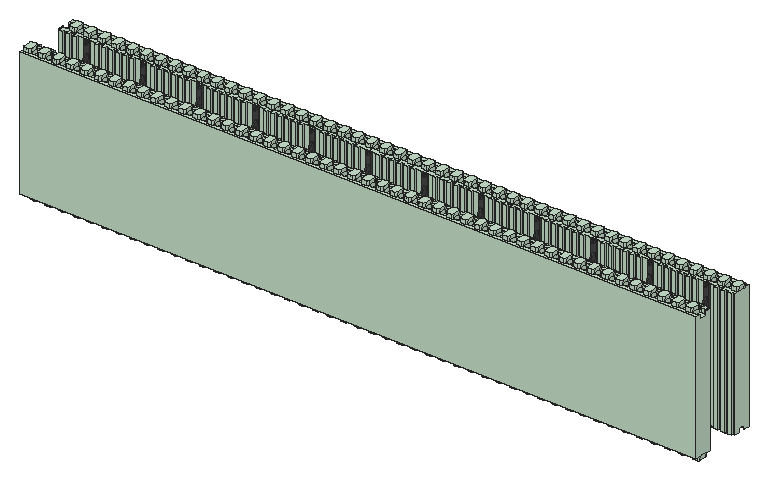
Revit family
Parameters (values of type "Standard 6" Form Unit")
  Core Thickness = 0' - 6"
Reference planes (in)
  plane 1 "Center (Front/Back)": y = 0
  plane 2: z = 0
  plane 3 "Center (Left/Right)": x = 0
  plane 4: x = 96
  plane 5: y = 2
  plane 6: y = -2
  plane 7: y = 4.625
  plane 8: y = -4.625
  plane 9: z = 18
  plane 10: z = 18.5
  plane 11: z = -0.5
Forms (in)
  Extrusion 1, solid, material "NUDURA Expanded Polystyrene Foam Insulation"
    sketch origin (0, 0, 0) x (1, 0, 0) y (0, 1, 0)
      loop
        line (0.28117, 2.25) -> (0.21883, 2) -> (0.78117, 2) -> (0.71883, 2.25) -> (1.28117, 2.25) -> (1.21883, 2) -> (1.78117, 2) -> (1.71883, 2.25) -> (2.28117, 2.25) -> (2.21883, 2) -> (2.78117, 2) -> (2.71883, 2.25) -> (5.28117, 2.25) -> (5.21883, 2) -> (5.78117, 2) -> (5.71883, 2.25) -> (6.28117, 2.25) -> (6.21883, 2) -> (6.78117, 2) -> (6.71883, 2.25) -> (7.28117, 2.25) -> (7.21883, 2) -> (7.78117, 2) -> (7.71883, 2.25) -> (8.28117, 2.25) -> (8.21883, 2) -> (8.78117, 2) -> (8.71883, 2.25) -> (9.28117, 2.25) -> (9.21883, 2) -> (9.78117, 2) -> (9.71883, 2.25) -> (10.28117, 2.25) -> (10.21883, 2) -> (10.78117, 2) -> (10.71883, 2.25) -> (13.28117, 2.25) -> (13.21883, 2) -> (13.78117, 2) -> (13.71883, 2.25) -> (14.28117, 2.25) -> (14.21883, 2) -> (14.78117, 2) -> (14.71883, 2.25) -> (15.28117, 2.25) -> (15.21883, 2) -> (15.78117, 2) -> (15.71883, 2.25) -> (16.28117, 2.25) -> (16.21883, 2) -> (16.78117, 2) -> (16.71883, 2.25) -> (17.28117, 2.25) -> (17.21883, 2) -> (17.78117, 2) -> (17.71883, 2.25) -> (18.28117, 2.25) -> (18.21883, 2) -> (18.78117, 2) -> (18.71883, 2.25) -> (21.28117, 2.25) -> (21.21883, 2) -> (21.78117, 2) -> (21.71883, 2.25) -> (22.28117, 2.25) -> (22.21883, 2) -> (22.78117, 2) -> (22.71883, 2.25) -> (23.28117, 2.25) -> (23.21883, 2) -> (23.78117, 2) -> (23.71883, 2.25) -> (24.28117, 2.25) -> (24.21883, 2) -> (24.78117, 2) -> (24.71883, 2.25) -> (25.28117, 2.25) -> (25.21883, 2) -> (25.78117, 2) -> (25.71883, 2.25) -> (26.28117, 2.25) -> (26.21883, 2) -> (26.78117, 2) -> (26.71883, 2.25) -> (29.28117, 2.25) -> (29.21883, 2) -> (29.78117, 2) -> (29.71883, 2.25) -> (30.28117, 2.25) -> (30.21883, 2) -> (30.78117, 2) -> (30.71883, 2.25) -> (31.28117, 2.25) -> (31.21883, 2) -> (31.78117, 2) -> (31.71883, 2.25) -> (32.28117, 2.25) -> (32.21883, 2) -> (32.78117, 2) -> (32.71883, 2.25) -> (33.28117, 2.25) -> (33.21883, 2) -> (33.78117, 2) -> (33.71883, 2.25) -> (34.28117, 2.25) -> (34.21883, 2) -> (34.78117, 2) -> (34.71883, 2.25) -> (37.28117, 2.25) -> (37.21883, 2) -> (37.78117, 2) -> (37.71883, 2.25) -> (38.28117, 2.25) -> (38.21883, 2) -> (38.78117, 2) -> (38.71883, 2.25) -> (39.28117, 2.25) -> (39.21883, 2) -> (39.78117, 2) -> (39.71883, 2.25) -> (40.28117, 2.25) -> (40.21883, 2) -> (40.78117, 2) -> (40.71883, 2.25) -> (41.28117, 2.25) -> (41.21883, 2) -> (41.78117, 2) -> (41.71883, 2.25) -> (42.28117, 2.25) -> (42.21883, 2) -> (42.78117, 2) -> (42.71883, 2.25) -> (45.28117, 2.25) -> (45.21883, 2) -> (45.78117, 2) -> (45.71883, 2.25) -> (46.28117, 2.25) -> (46.21883, 2) -> (46.78117, 2) -> (46.71883, 2.25) -> (47.28117, 2.25) -> (47.21883, 2) -> (47.78117, 2) -> (47.71883, 2.25) -> (48.28117, 2.25) -> (48.21883, 2) -> (48.78117, 2) -> (48.71883, 2.25) -> (49.28117, 2.25) -> (49.21883, 2) -> (49.78117, 2) -> (49.71883, 2.25) -> (50.28117, 2.25) -> (50.21883, 2) -> (50.78117, 2) -> (50.71883, 2.25) -> (53.28117, 2.25) -> (53.21883, 2) -> (53.78117, 2) -> (53.71883, 2.25) -> (54.28117, 2.25) -> (54.21883, 2) -> (54.78117, 2) -> (54.71883, 2.25) -> (55.28117, 2.25) -> (55.21883, 2) -> (55.78117, 2) -> (55.71883, 2.25) -> (56.28117, 2.25) -> (56.21883, 2) -> (56.78117, 2) -> (56.71883, 2.25) -> (57.28117, 2.25) -> (57.21883, 2) -> (57.78117, 2) -> (57.71883, 2.25) -> (58.28117, 2.25) -> (58.21883, 2) -> (58.78117, 2) -> (58.71883, 2.25) -> (61.28117, 2.25) -> (61.21883, 2) -> (61.78117, 2) -> (61.71883, 2.25) -> (62.28117, 2.25) -> (62.21883, 2) -> (62.78117, 2) -> (62.71883, 2.25) -> (63.28117, 2.25) -> (63.21883, 2) -> (63.78117, 2) -> (63.71883, 2.25) -> (64.28117, 2.25) -> (64.21883, 2) -> (64.78117, 2) -> (64.71883, 2.25) -> (65.28117, 2.25) -> (65.21883, 2) -> (65.78117, 2) -> (65.71883, 2.25) -> (66.28117, 2.25) -> (66.21883, 2) -> (66.78117, 2) -> (66.71883, 2.25) -> (69.28117, 2.25) -> (69.21883, 2) -> (69.78117, 2) -> (69.71883, 2.25) -> (70.28117, 2.25) -> (70.21883, 2) -> (70.78117, 2) -> (70.71883, 2.25) -> (71.28117, 2.25) -> (71.21883, 2) -> (71.78117, 2) -> (71.71883, 2.25) -> (72.28117, 2.25) -> (72.21883, 2) -> (72.78117, 2) -> (72.71883, 2.25) -> (73.28117, 2.25) -> (73.21883, 2) -> (73.78117, 2) -> (73.71883, 2.25) -> (74.28117, 2.25) -> (74.21883, 2) -> (74.78117, 2) -> (74.71883, 2.25) -> (77.28117, 2.25) -> (77.21883, 2) -> (77.78117, 2) -> (77.71883, 2.25) -> (78.28117, 2.25) -> (78.21883, 2) -> (78.78117, 2) -> (78.71883, 2.25) -> (79.28117, 2.25) -> (79.21883, 2) -> (79.78117, 2) -> (79.71883, 2.25) -> (80.28117, 2.25) -> (80.21883, 2) -> (80.78117, 2) -> (80.71883, 2.25) -> (81.28117, 2.25) -> (81.21883, 2) -> (81.78117, 2) -> (81.71883, 2.25) -> (82.28117, 2.25) -> (82.21883, 2) -> (82.78117, 2) -> (82.71883, 2.25) -> (85.28117, 2.25) -> (85.21883, 2) -> (85.78117, 2) -> (85.71883, 2.25) -> (86.28117, 2.25) -> (86.21883, 2) -> (86.78117, 2) -> (86.71883, 2.25) -> (87.28117, 2.25) -> (87.21883, 2) -> (87.78117, 2) -> (87.71883, 2.25) -> (88.28117, 2.25) -> (88.21883, 2) -> (88.78117, 2) -> (88.71883, 2.25) -> (89.28117, 2.25) -> (89.21883, 2) -> (89.78117, 2) -> (89.71883, 2.25) -> (90.28117, 2.25) -> (90.21883, 2) -> (90.78117, 2) -> (90.71883, 2.25) -> (93.28117, 2.25) -> (93.21883, 2) -> (93.78117, 2) -> (93.71883, 2.25) -> (94.28117, 2.25) -> (94.21883, 2) -> (94.78117, 2) -> (94.71883, 2.25) -> (95.28117, 2.25) -> (95.21883, 2) -> (95.78117, 2) -> (95.71883, 2.25) -> (96, 2.25) -> (96, 4.625) -> (0, 4.625) -> (0, 2.25) -> (0.28117, 2.25)
      loop
        line (0.28117, -2.25) -> (0, -2.25) -> (0, -4.625) -> (96, -4.625) -> (96, -2.25) -> (95.71883, -2.25) -> (95.78117, -2) -> (95.21883, -2) -> (95.28117, -2.25) -> (94.71883, -2.25) -> (94.78117, -2) -> (94.21883, -2) -> (94.28117, -2.25) -> (93.71883, -2.25) -> (93.78117, -2) -> (93.21883, -2) -> (93.28117, -2.25) -> (90.71883, -2.25) -> (90.78117, -2) -> (90.21883, -2) -> (90.28117, -2.25) -> (89.71883, -2.25) -> (89.78117, -2) -> (89.21883, -2) -> (89.28117, -2.25) -> (88.71883, -2.25) -> (88.78117, -2) -> (88.21883, -2) -> (88.28117, -2.25) -> (87.71883, -2.25) -> (87.78117, -2) -> (87.21883, -2) -> (87.28117, -2.25) -> (86.71883, -2.25) -> (86.78117, -2) -> (86.21883, -2) -> (86.28117, -2.25) -> (85.71883, -2.25) -> (85.78117, -2) -> (85.21883, -2) -> (85.28117, -2.25) -> (82.71883, -2.25) -> (82.78117, -2) -> (82.21883, -2) -> (82.28117, -2.25) -> (81.71883, -2.25) -> (81.78117, -2) -> (81.21883, -2) -> (81.28117, -2.25) -> (80.71883, -2.25) -> (80.78117, -2) -> (80.21883, -2) -> (80.28117, -2.25) -> (79.71883, -2.25) -> (79.78117, -2) -> (79.21883, -2) -> (79.28117, -2.25) -> (78.71883, -2.25) -> (78.78117, -2) -> (78.21883, -2) -> (78.28117, -2.25) -> (77.71883, -2.25) -> (77.78117, -2) -> (77.21883, -2) -> (77.28117, -2.25) -> (74.71883, -2.25) -> (74.78117, -2) -> (74.21883, -2) -> (74.28117, -2.25) -> (73.71883, -2.25) -> (73.78117, -2) -> (73.21883, -2) -> (73.28117, -2.25) -> (72.71883, -2.25) -> (72.78117, -2) -> (72.21883, -2) -> (72.28117, -2.25) -> (71.71883, -2.25) -> (71.78117, -2) -> (71.21883, -2) -> (71.28117, -2.25) -> (70.71883, -2.25) -> (70.78117, -2) -> (70.21883, -2) -> (70.28117, -2.25) -> (69.71883, -2.25) -> (69.78117, -2) -> (69.21883, -2) -> (69.28117, -2.25) -> (66.71883, -2.25) -> (66.78117, -2) -> (66.21883, -2) -> (66.28117, -2.25) -> (65.71883, -2.25) -> (65.78117, -2) -> (65.21883, -2) -> (65.28117, -2.25) -> (64.71883, -2.25) -> (64.78117, -2) -> (64.21883, -2) -> (64.28117, -2.25) -> (63.71883, -2.25) -> (63.78117, -2) -> (63.21883, -2) -> (63.28117, -2.25) -> (62.71883, -2.25) -> (62.78117, -2) -> (62.21883, -2) -> (62.28117, -2.25) -> (61.71883, -2.25) -> (61.78117, -2) -> (61.21883, -2) -> (61.28117, -2.25) -> (58.71883, -2.25) -> (58.78117, -2) -> (58.21883, -2) -> (58.28117, -2.25) -> (57.71883, -2.25) -> (57.78117, -2) -> (57.21883, -2) -> (57.28117, -2.25) -> (56.71883, -2.25) -> (56.78117, -2) -> (56.21883, -2) -> (56.28117, -2.25) -> (55.71883, -2.25) -> (55.78117, -2) -> (55.21883, -2) -> (55.28117, -2.25) -> (54.71883, -2.25) -> (54.78117, -2) -> (54.21883, -2) -> (54.28117, -2.25) -> (53.71883, -2.25) -> (53.78117, -2) -> (53.21883, -2) -> (53.28117, -2.25) -> (50.71883, -2.25) -> (50.78117, -2) -> (50.21883, -2) -> (50.28117, -2.25) -> (49.71883, -2.25) -> (49.78117, -2) -> (49.21883, -2) -> (49.28117, -2.25) -> (48.71883, -2.25) -> (48.78117, -2) -> (48.21883, -2) -> (48.28117, -2.25) -> (47.71883, -2.25) -> (47.78117, -2) -> (47.21883, -2) -> (47.28117, -2.25) -> (46.71883, -2.25) -> (46.78117, -2) -> (46.21883, -2) -> (46.28117, -2.25) -> (45.71883, -2.25) -> (45.78117, -2) -> (45.21883, -2) -> (45.28117, -2.25) -> (42.71883, -2.25) -> (42.78117, -2) -> (42.21883, -2) -> (42.28117, -2.25) -> (41.71883, -2.25) -> (41.78117, -2) -> (41.21883, -2) -> (41.28117, -2.25) -> (40.71883, -2.25) -> (40.78117, -2) -> (40.21883, -2) -> (40.28117, -2.25) -> (39.71883, -2.25) -> (39.78117, -2) -> (39.21883, -2) -> (39.28117, -2.25) -> (38.71883, -2.25) -> (38.78117, -2) -> (38.21883, -2) -> (38.28117, -2.25) -> (37.71883, -2.25) -> (37.78117, -2) -> (37.21883, -2) -> (37.28117, -2.25) -> (34.71883, -2.25) -> (34.78117, -2) -> (34.21883, -2) -> (34.28117, -2.25) -> (33.71883, -2.25) -> (33.78117, -2) -> (33.21883, -2) -> (33.28117, -2.25) -> (32.71883, -2.25) -> (32.78117, -2) -> (32.21883, -2) -> (32.28117, -2.25) -> (31.71883, -2.25) -> (31.78117, -2) -> (31.21883, -2) -> (31.28117, -2.25) -> (30.71883, -2.25) -> (30.78117, -2) -> (30.21883, -2) -> (30.28117, -2.25) -> (29.71883, -2.25) -> (29.78117, -2) -> (29.21883, -2) -> (29.28117, -2.25) -> (26.71883, -2.25) -> (26.78117, -2) -> (26.21883, -2) -> (26.28117, -2.25) -> (25.71883, -2.25) -> (25.78117, -2) -> (25.21883, -2) -> (25.28117, -2.25) -> (24.71883, -2.25) -> (24.78117, -2) -> (24.21883, -2) -> (24.28117, -2.25) -> (23.71883, -2.25) -> (23.78117, -2) -> (23.21883, -2) -> (23.28117, -2.25) -> (22.71883, -2.25) -> (22.78117, -2) -> (22.21883, -2) -> (22.28117, -2.25) -> (21.71883, -2.25) -> (21.78117, -2) -> (21.21883, -2) -> (21.28117, -2.25) -> (18.71883, -2.25) -> (18.78117, -2) -> (18.21883, -2) -> (18.28117, -2.25) -> (17.71883, -2.25) -> (17.78117, -2) -> (17.21883, -2) -> (17.28117, -2.25) -> (16.71883, -2.25) -> (16.78117, -2) -> (16.21883, -2) -> (16.28117, -2.25) -> (15.71883, -2.25) -> (15.78117, -2) -> (15.21883, -2) -> (15.28117, -2.25) -> (14.71883, -2.25) -> (14.78117, -2) -> (14.21883, -2) -> (14.28117, -2.25) -> (13.71883, -2.25) -> (13.78117, -2) -> (13.21883, -2) -> (13.28117, -2.25) -> (10.71883, -2.25) -> (10.78117, -2) -> (10.21883, -2) -> (10.28117, -2.25) -> (9.71883, -2.25) -> (9.78117, -2) -> (9.21883, -2) -> (9.28117, -2.25) -> (8.71883, -2.25) -> (8.78117, -2) -> (8.21883, -2) -> (8.28117, -2.25) -> (7.71883, -2.25) -> (7.78117, -2) -> (7.21883, -2) -> (7.28117, -2.25) -> (6.71883, -2.25) -> (6.78117, -2) -> (6.21883, -2) -> (6.28117, -2.25) -> (5.71883, -2.25) -> (5.78117, -2) -> (5.21883, -2) -> (5.28117, -2.25) -> (2.71883, -2.25) -> (2.78117, -2) -> (2.21883, -2) -> (2.28117, -2.25) -> (1.71883, -2.25) -> (1.78117, -2) -> (1.21883, -2) -> (1.28117, -2.25) -> (0.71883, -2.25) -> (0.78117, -2) -> (0.21883, -2) -> (0.28117, -2.25)
    from 0 to 18
  Extrusion 2, void
    sketch origin (0, 1, 0) x (1, 0, 0) y (0, 1, 0)
      loop
        arc (1, -4.89808) -> (1.04785, -5.04517) -> (1.17308, -5.13595) r 0.25
        arc (1.17308, -5.13595) -> (1.5, -5.1875) -> (1.82692, -5.13595) r 1.0625
        arc (1.82692, -5.13595) -> (1.95215, -5.04517) -> (2, -4.89808) r 0.25
        line (2, -4.89808) -> (2, -3.97692)
        arc (2, -3.97692) -> (1.98276, -3.88568) -> (1.9334, -3.80702) r 0.25
        arc (1.9334, -3.80702) -> (1.92106, -3.78736) -> (1.91675, -3.76455) r 0.0625
        line (1.91675, -3.76455) -> (1.91675, -3.41845) -> (1.74592, -3.41845) -> (1.74592, -3.64005)
        arc (1.74592, -3.64005) -> (1.72385, -3.68771) -> (1.67323, -3.70172) r 0.0625
        arc (1.67323, -3.70172) -> (1.42092, -3.69045) -> (1.17308, -3.73905) r 1.0625
        arc (1.17308, -3.73905) -> (1.04785, -3.82983) -> (1, -3.97692) r 0.25
        line (1, -3.97692) -> (1, -4.89808)
    from 18 to 17.5
  Extrusion 3, void
    sketch origin (2, 1, 0) x (1, 0, 0) y (0, 1, 0)
      loop
        arc (1, -4.89808) -> (1.04785, -5.04517) -> (1.17308, -5.13595) r 0.25
        arc (1.17308, -5.13595) -> (1.5, -5.1875) -> (1.82692, -5.13595) r 1.0625
        arc (1.82692, -5.13595) -> (1.95215, -5.04517) -> (2, -4.89808) r 0.25
        line (2, -4.89808) -> (2, -3.97692)
        arc (2, -3.97692) -> (1.98276, -3.88568) -> (1.9334, -3.80702) r 0.25
        arc (1.9334, -3.80702) -> (1.92106, -3.78736) -> (1.91675, -3.76455) r 0.0625
        line (1.91675, -3.76455) -> (1.91675, -3.41845) -> (1.74592, -3.41845) -> (1.74592, -3.64005)
        arc (1.74592, -3.64005) -> (1.72385, -3.68771) -> (1.67323, -3.70172) r 0.0625
        arc (1.67323, -3.70172) -> (1.42092, -3.69045) -> (1.17308, -3.73905) r 1.0625
        arc (1.17308, -3.73905) -> (1.04785, -3.82983) -> (1, -3.97692) r 0.25
        line (1, -3.97692) -> (1, -4.89808)
    from 18 to 17.5
  Extrusion 4, void
    sketch origin (4, 1, 0) x (1, 0, 0) y (0, 1, 0)
      loop
        arc (1, -4.89808) -> (1.04785, -5.04517) -> (1.17308, -5.13595) r 0.25
        arc (1.17308, -5.13595) -> (1.5, -5.1875) -> (1.82692, -5.13595) r 1.0625
        arc (1.82692, -5.13595) -> (1.95215, -5.04517) -> (2, -4.89808) r 0.25
        line (2, -4.89808) -> (2, -3.97692)
        arc (2, -3.97692) -> (1.98276, -3.88568) -> (1.9334, -3.80702) r 0.25
        arc (1.9334, -3.80702) -> (1.92106, -3.78736) -> (1.91675, -3.76455) r 0.0625
        line (1.91675, -3.76455) -> (1.91675, -3.41845) -> (1.74592, -3.41845) -> (1.74592, -3.64005)
        arc (1.74592, -3.64005) -> (1.72385, -3.68771) -> (1.67323, -3.70172) r 0.0625
        arc (1.67323, -3.70172) -> (1.42092, -3.69045) -> (1.17308, -3.73905) r 1.0625
        arc (1.17308, -3.73905) -> (1.04785, -3.82983) -> (1, -3.97692) r 0.25
        line (1, -3.97692) -> (1, -4.89808)
    from 18 to 17.5
  Extrusion 5, void
    sketch origin (6, 1, 0) x (1, 0, 0) y (0, 1, 0)
      loop
        arc (1, -4.89808) -> (1.04785, -5.04517) -> (1.17308, -5.13595) r 0.25
        arc (1.17308, -5.13595) -> (1.5, -5.1875) -> (1.82692, -5.13595) r 1.0625
        arc (1.82692, -5.13595) -> (1.95215, -5.04517) -> (2, -4.89808) r 0.25
        line (2, -4.89808) -> (2, -3.97692)
        arc (2, -3.97692) -> (1.98276, -3.88568) -> (1.9334, -3.80702) r 0.25
        arc (1.9334, -3.80702) -> (1.92106, -3.78736) -> (1.91675, -3.76455) r 0.0625
        line (1.91675, -3.76455) -> (1.91675, -3.41845) -> (1.74592, -3.41845) -> (1.74592, -3.64005)
        arc (1.74592, -3.64005) -> (1.72385, -3.68771) -> (1.67323, -3.70172) r 0.0625
        arc (1.67323, -3.70172) -> (1.42092, -3.69045) -> (1.17308, -3.73905) r 1.0625
        arc (1.17308, -3.73905) -> (1.04785, -3.82983) -> (1, -3.97692) r 0.25
        line (1, -3.97692) -> (1, -4.89808)
    from 18 to 17.5
  Extrusion 6, void
    sketch origin (8, 1, 0) x (1, 0, 0) y (0, 1, 0)
      loop
        arc (1, -4.89808) -> (1.04785, -5.04517) -> (1.17308, -5.13595) r 0.25
        arc (1.17308, -5.13595) -> (1.5, -5.1875) -> (1.82692, -5.13595) r 1.0625
        arc (1.82692, -5.13595) -> (1.95215, -5.04517) -> (2, -4.89808) r 0.25
        line (2, -4.89808) -> (2, -3.97692)
        arc (2, -3.97692) -> (1.98276, -3.88568) -> (1.9334, -3.80702) r 0.25
        arc (1.9334, -3.80702) -> (1.92106, -3.78736) -> (1.91675, -3.76455) r 0.0625
        line (1.91675, -3.76455) -> (1.91675, -3.41845) -> (1.74592, -3.41845) -> (1.74592, -3.64005)
        arc (1.74592, -3.64005) -> (1.72385, -3.68771) -> (1.67323, -3.70172) r 0.0625
        arc (1.67323, -3.70172) -> (1.42092, -3.69045) -> (1.17308, -3.73905) r 1.0625
        arc (1.17308, -3.73905) -> (1.04785, -3.82983) -> (1, -3.97692) r 0.25
        line (1, -3.97692) -> (1, -4.89808)
    from 18 to 17.5
  Extrusion 7, void
    sketch origin (10, 1, 0) x (1, 0, 0) y (0, 1, 0)
      loop
        arc (1, -4.89808) -> (1.04785, -5.04517) -> (1.17308, -5.13595) r 0.25
        arc (1.17308, -5.13595) -> (1.5, -5.1875) -> (1.82692, -5.13595) r 1.0625
        arc (1.82692, -5.13595) -> (1.95215, -5.04517) -> (2, -4.89808) r 0.25
        line (2, -4.89808) -> (2, -3.97692)
        arc (2, -3.97692) -> (1.98276, -3.88568) -> (1.9334, -3.80702) r 0.25
        arc (1.9334, -3.80702) -> (1.92106, -3.78736) -> (1.91675, -3.76455) r 0.0625
        line (1.91675, -3.76455) -> (1.91675, -3.41845) -> (1.74592, -3.41845) -> (1.74592, -3.64005)
        arc (1.74592, -3.64005) -> (1.72385, -3.68771) -> (1.67323, -3.70172) r 0.0625
        arc (1.67323, -3.70172) -> (1.42092, -3.69045) -> (1.17308, -3.73905) r 1.0625
        arc (1.17308, -3.73905) -> (1.04785, -3.82983) -> (1, -3.97692) r 0.25
        line (1, -3.97692) -> (1, -4.89808)
    from 18 to 17.5
  Extrusion 8, void
    sketch origin (12, 1, 0) x (1, 0, 0) y (0, 1, 0)
      loop
        arc (1, -4.89808) -> (1.04785, -5.04517) -> (1.17308, -5.13595) r 0.25
        arc (1.17308, -5.13595) -> (1.5, -5.1875) -> (1.82692, -5.13595) r 1.0625
        arc (1.82692, -5.13595) -> (1.95215, -5.04517) -> (2, -4.89808) r 0.25
        line (2, -4.89808) -> (2, -3.97692)
        arc (2, -3.97692) -> (1.98276, -3.88568) -> (1.9334, -3.80702) r 0.25
        arc (1.9334, -3.80702) -> (1.92106, -3.78736) -> (1.91675, -3.76455) r 0.0625
        line (1.91675, -3.76455) -> (1.91675, -3.41845) -> (1.74592, -3.41845) -> (1.74592, -3.64005)
        arc (1.74592, -3.64005) -> (1.72385, -3.68771) -> (1.67323, -3.70172) r 0.0625
        arc (1.67323, -3.70172) -> (1.42092, -3.69045) -> (1.17308, -3.73905) r 1.0625
        arc (1.17308, -3.73905) -> (1.04785, -3.82983) -> (1, -3.97692) r 0.25
        line (1, -3.97692) -> (1, -4.89808)
    from 18 to 17.5
  Extrusion 9, void
    sketch origin (14, 1, 0) x (1, 0, 0) y (0, 1, 0)
      loop
        arc (1, -4.89808) -> (1.04785, -5.04517) -> (1.17308, -5.13595) r 0.25
        arc (1.17308, -5.13595) -> (1.5, -5.1875) -> (1.82692, -5.13595) r 1.0625
        arc (1.82692, -5.13595) -> (1.95215, -5.04517) -> (2, -4.89808) r 0.25
        line (2, -4.89808) -> (2, -3.97692)
        arc (2, -3.97692) -> (1.98276, -3.88568) -> (1.9334, -3.80702) r 0.25
        arc (1.9334, -3.80702) -> (1.92106, -3.78736) -> (1.91675, -3.76455) r 0.0625
        line (1.91675, -3.76455) -> (1.91675, -3.41845) -> (1.74592, -3.41845) -> (1.74592, -3.64005)
        arc (1.74592, -3.64005) -> (1.72385, -3.68771) -> (1.67323, -3.70172) r 0.0625
        arc (1.67323, -3.70172) -> (1.42092, -3.69045) -> (1.17308, -3.73905) r 1.0625
        arc (1.17308, -3.73905) -> (1.04785, -3.82983) -> (1, -3.97692) r 0.25
        line (1, -3.97692) -> (1, -4.89808)
    from 18 to 17.5
  Extrusion 10, void
    sketch origin (16, 1, 0) x (1, 0, 0) y (0, 1, 0)
      loop
        arc (1, -4.89808) -> (1.04785, -5.04517) -> (1.17308, -5.13595) r 0.25
        arc (1.17308, -5.13595) -> (1.5, -5.1875) -> (1.82692, -5.13595) r 1.0625
        arc (1.82692, -5.13595) -> (1.95215, -5.04517) -> (2, -4.89808) r 0.25
        line (2, -4.89808) -> (2, -3.97692)
        arc (2, -3.97692) -> (1.98276, -3.88568) -> (1.9334, -3.80702) r 0.25
        arc (1.9334, -3.80702) -> (1.92106, -3.78736) -> (1.91675, -3.76455) r 0.0625
        line (1.91675, -3.76455) -> (1.91675, -3.41845) -> (1.74592, -3.41845) -> (1.74592, -3.64005)
        arc (1.74592, -3.64005) -> (1.72385, -3.68771) -> (1.67323, -3.70172) r 0.0625
        arc (1.67323, -3.70172) -> (1.42092, -3.69045) -> (1.17308, -3.73905) r 1.0625
        arc (1.17308, -3.73905) -> (1.04785, -3.82983) -> (1, -3.97692) r 0.25
        line (1, -3.97692) -> (1, -4.89808)
    from 18 to 17.5
  Extrusion 11, void
    sketch origin (18, 1, 0) x (1, 0, 0) y (0, 1, 0)
      loop
        arc (1, -4.89808) -> (1.04785, -5.04517) -> (1.17308, -5.13595) r 0.25
        arc (1.17308, -5.13595) -> (1.5, -5.1875) -> (1.82692, -5.13595) r 1.0625
        arc (1.82692, -5.13595) -> (1.95215, -5.04517) -> (2, -4.89808) r 0.25
        line (2, -4.89808) -> (2, -3.97692)
        arc (2, -3.97692) -> (1.98276, -3.88568) -> (1.9334, -3.80702) r 0.25
        arc (1.9334, -3.80702) -> (1.92106, -3.78736) -> (1.91675, -3.76455) r 0.0625
        line (1.91675, -3.76455) -> (1.91675, -3.41845) -> (1.74592, -3.41845) -> (1.74592, -3.64005)
        arc (1.74592, -3.64005) -> (1.72385, -3.68771) -> (1.67323, -3.70172) r 0.0625
        arc (1.67323, -3.70172) -> (1.42092, -3.69045) -> (1.17308, -3.73905) r 1.0625
        arc (1.17308, -3.73905) -> (1.04785, -3.82983) -> (1, -3.97692) r 0.25
        line (1, -3.97692) -> (1, -4.89808)
    from 18 to 17.5
  Extrusion 12, void
    sketch origin (20, 1, 0) x (1, 0, 0) y (0, 1, 0)
      loop
        arc (1, -4.89808) -> (1.04785, -5.04517) -> (1.17308, -5.13595) r 0.25
        arc (1.17308, -5.13595) -> (1.5, -5.1875) -> (1.82692, -5.13595) r 1.0625
        arc (1.82692, -5.13595) -> (1.95215, -5.04517) -> (2, -4.89808) r 0.25
        line (2, -4.89808) -> (2, -3.97692)
        arc (2, -3.97692) -> (1.98276, -3.88568) -> (1.9334, -3.80702) r 0.25
        arc (1.9334, -3.80702) -> (1.92106, -3.78736) -> (1.91675, -3.76455) r 0.0625
        line (1.91675, -3.76455) -> (1.91675, -3.41845) -> (1.74592, -3.41845) -> (1.74592, -3.64005)
        arc (1.74592, -3.64005) -> (1.72385, -3.68771) -> (1.67323, -3.70172) r 0.0625
        arc (1.67323, -3.70172) -> (1.42092, -3.69045) -> (1.17308, -3.73905) r 1.0625
        arc (1.17308, -3.73905) -> (1.04785, -3.82983) -> (1, -3.97692) r 0.25
        line (1, -3.97692) -> (1, -4.89808)
    from 18 to 17.5
  Extrusion 13, void
    sketch origin (22, 1, 0) x (1, 0, 0) y (0, 1, 0)
      loop
        arc (1, -4.89808) -> (1.04785, -5.04517) -> (1.17308, -5.13595) r 0.25
        arc (1.17308, -5.13595) -> (1.5, -5.1875) -> (1.82692, -5.13595) r 1.0625
        arc (1.82692, -5.13595) -> (1.95215, -5.04517) -> (2, -4.89808) r 0.25
        line (2, -4.89808) -> (2, -3.97692)
        arc (2, -3.97692) -> (1.98276, -3.88568) -> (1.9334, -3.80702) r 0.25
        arc (1.9334, -3.80702) -> (1.92106, -3.78736) -> (1.91675, -3.76455) r 0.0625
        line (1.91675, -3.76455) -> (1.91675, -3.41845) -> (1.74592, -3.41845) -> (1.74592, -3.64005)
        arc (1.74592, -3.64005) -> (1.72385, -3.68771) -> (1.67323, -3.70172) r 0.0625
        arc (1.67323, -3.70172) -> (1.42092, -3.69045) -> (1.17308, -3.73905) r 1.0625
        arc (1.17308, -3.73905) -> (1.04785, -3.82983) -> (1, -3.97692) r 0.25
        line (1, -3.97692) -> (1, -4.89808)
    from 18 to 17.5
  Extrusion 14, void
    sketch origin (24, 1, 0) x (1, 0, 0) y (0, 1, 0)
      loop
        arc (1, -4.89808) -> (1.04785, -5.04517) -> (1.17308, -5.13595) r 0.25
        arc (1.17308, -5.13595) -> (1.5, -5.1875) -> (1.82692, -5.13595) r 1.0625
        arc (1.82692, -5.13595) -> (1.95215, -5.04517) -> (2, -4.89808) r 0.25
        line (2, -4.89808) -> (2, -3.97692)
        arc (2, -3.97692) -> (1.98276, -3.88568) -> (1.9334, -3.80702) r 0.25
        arc (1.9334, -3.80702) -> (1.92106, -3.78736) -> (1.91675, -3.76455) r 0.0625
        line (1.91675, -3.76455) -> (1.91675, -3.41845) -> (1.74592, -3.41845) -> (1.74592, -3.64005)
        arc (1.74592, -3.64005) -> (1.72385, -3.68771) -> (1.67323, -3.70172) r 0.0625
        arc (1.67323, -3.70172) -> (1.42092, -3.69045) -> (1.17308, -3.73905) r 1.0625
        arc (1.17308, -3.73905) -> (1.04785, -3.82983) -> (1, -3.97692) r 0.25
        line (1, -3.97692) -> (1, -4.89808)
    from 18 to 17.5
  Extrusion 15, void
    sketch origin (26, 1, 0) x (1, 0, 0) y (0, 1, 0)
      loop
        arc (1, -4.89808) -> (1.04785, -5.04517) -> (1.17308, -5.13595) r 0.25
        arc (1.17308, -5.13595) -> (1.5, -5.1875) -> (1.82692, -5.13595) r 1.0625
        arc (1.82692, -5.13595) -> (1.95215, -5.04517) -> (2, -4.89808) r 0.25
        line (2, -4.89808) -> (2, -3.97692)
        arc (2, -3.97692) -> (1.98276, -3.88568) -> (1.9334, -3.80702) r 0.25
        arc (1.9334, -3.80702) -> (1.92106, -3.78736) -> (1.91675, -3.76455) r 0.0625
        line (1.91675, -3.76455) -> (1.91675, -3.41845) -> (1.74592, -3.41845) -> (1.74592, -3.64005)
        arc (1.74592, -3.64005) -> (1.72385, -3.68771) -> (1.67323, -3.70172) r 0.0625
        arc (1.67323, -3.70172) -> (1.42092, -3.69045) -> (1.17308, -3.73905) r 1.0625
        arc (1.17308, -3.73905) -> (1.04785, -3.82983) -> (1, -3.97692) r 0.25
        line (1, -3.97692) -> (1, -4.89808)
    from 18 to 17.5
  Extrusion 16, void
    sketch origin (28, 1, 0) x (1, 0, 0) y (0, 1, 0)
      loop
        arc (1, -4.89808) -> (1.04785, -5.04517) -> (1.17308, -5.13595) r 0.25
        arc (1.17308, -5.13595) -> (1.5, -5.1875) -> (1.82692, -5.13595) r 1.0625
        arc (1.82692, -5.13595) -> (1.95215, -5.04517) -> (2, -4.89808) r 0.25
        line (2, -4.89808) -> (2, -3.97692)
        arc (2, -3.97692) -> (1.98276, -3.88568) -> (1.9334, -3.80702) r 0.25
        arc (1.9334, -3.80702) -> (1.92106, -3.78736) -> (1.91675, -3.76455) r 0.0625
        line (1.91675, -3.76455) -> (1.91675, -3.41845) -> (1.74592, -3.41845) -> (1.74592, -3.64005)
        arc (1.74592, -3.64005) -> (1.72385, -3.68771) -> (1.67323, -3.70172) r 0.0625
        arc (1.67323, -3.70172) -> (1.42092, -3.69045) -> (1.17308, -3.73905) r 1.0625
        arc (1.17308, -3.73905) -> (1.04785, -3.82983) -> (1, -3.97692) r 0.25
        line (1, -3.97692) -> (1, -4.89808)
    from 18 to 17.5
  Extrusion 17, void
    sketch origin (30, 1, 0) x (1, 0, 0) y (0, 1, 0)
      loop
        arc (1, -4.89808) -> (1.04785, -5.04517) -> (1.17308, -5.13595) r 0.25
        arc (1.17308, -5.13595) -> (1.5, -5.1875) -> (1.82692, -5.13595) r 1.0625
        arc (1.82692, -5.13595) -> (1.95215, -5.04517) -> (2, -4.89808) r 0.25
        line (2, -4.89808) -> (2, -3.97692)
        arc (2, -3.97692) -> (1.98276, -3.88568) -> (1.9334, -3.80702) r 0.25
        arc (1.9334, -3.80702) -> (1.92106, -3.78736) -> (1.91675, -3.76455) r 0.0625
        line (1.91675, -3.76455) -> (1.91675, -3.41845) -> (1.74592, -3.41845) -> (1.74592, -3.64005)
        arc (1.74592, -3.64005) -> (1.72385, -3.68771) -> (1.67323, -3.70172) r 0.0625
        arc (1.67323, -3.70172) -> (1.42092, -3.69045) -> (1.17308, -3.73905) r 1.0625
        arc (1.17308, -3.73905) -> (1.04785, -3.82983) -> (1, -3.97692) r 0.25
        line (1, -3.97692) -> (1, -4.89808)
    from 18 to 17.5
  Extrusion 18, void
    sketch origin (32, 1, 0) x (1, 0, 0) y (0, 1, 0)
      loop
        arc (1, -4.89808) -> (1.04785, -5.04517) -> (1.17308, -5.13595) r 0.25
        arc (1.17308, -5.13595) -> (1.5, -5.1875) -> (1.82692, -5.13595) r 1.0625
        arc (1.82692, -5.13595) -> (1.95215, -5.04517) -> (2, -4.89808) r 0.25
        line (2, -4.89808) -> (2, -3.97692)
        arc (2, -3.97692) -> (1.98276, -3.88568) -> (1.9334, -3.80702) r 0.25
        arc (1.9334, -3.80702) -> (1.92106, -3.78736) -> (1.91675, -3.76455) r 0.0625
        line (1.91675, -3.76455) -> (1.91675, -3.41845) -> (1.74592, -3.41845) -> (1.74592, -3.64005)
        arc (1.74592, -3.64005) -> (1.72385, -3.68771) -> (1.67323, -3.70172) r 0.0625
        arc (1.67323, -3.70172) -> (1.42092, -3.69045) -> (1.17308, -3.73905) r 1.0625
        arc (1.17308, -3.73905) -> (1.04785, -3.82983) -> (1, -3.97692) r 0.25
        line (1, -3.97692) -> (1, -4.89808)
    from 18 to 17.5
  Extrusion 19, void
    sketch origin (34, 1, 0) x (1, 0, 0) y (0, 1, 0)
      loop
        arc (1, -4.89808) -> (1.04785, -5.04517) -> (1.17308, -5.13595) r 0.25
        arc (1.17308, -5.13595) -> (1.5, -5.1875) -> (1.82692, -5.13595) r 1.0625
        arc (1.82692, -5.13595) -> (1.95215, -5.04517) -> (2, -4.89808) r 0.25
        line (2, -4.89808) -> (2, -3.97692)
        arc (2, -3.97692) -> (1.98276, -3.88568) -> (1.9334, -3.80702) r 0.25
        arc (1.9334, -3.80702) -> (1.92106, -3.78736) -> (1.91675, -3.76455) r 0.0625
        line (1.91675, -3.76455) -> (1.91675, -3.41845) -> (1.74592, -3.41845) -> (1.74592, -3.64005)
        arc (1.74592, -3.64005) -> (1.72385, -3.68771) -> (1.67323, -3.70172) r 0.0625
        arc (1.67323, -3.70172) -> (1.42092, -3.69045) -> (1.17308, -3.73905) r 1.0625
        arc (1.17308, -3.73905) -> (1.04785, -3.82983) -> (1, -3.97692) r 0.25
        line (1, -3.97692) -> (1, -4.89808)
    from 18 to 17.5
  Extrusion 20, void
    sketch origin (36, 1, 0) x (1, 0, 0) y (0, 1, 0)
      loop
        arc (1, -4.89808) -> (1.04785, -5.04517) -> (1.17308, -5.13595) r 0.25
        arc (1.17308, -5.13595) -> (1.5, -5.1875) -> (1.82692, -5.13595) r 1.0625
        arc (1.82692, -5.13595) -> (1.95215, -5.04517) -> (2, -4.89808) r 0.25
        line (2, -4.89808) -> (2, -3.97692)
        arc (2, -3.97692) -> (1.98276, -3.88568) -> (1.9334, -3.80702) r 0.25
        arc (1.9334, -3.80702) -> (1.92106, -3.78736) -> (1.91675, -3.76455) r 0.0625
        line (1.91675, -3.76455) -> (1.91675, -3.41845) -> (1.74592, -3.41845) -> (1.74592, -3.64005)
        arc (1.74592, -3.64005) -> (1.72385, -3.68771) -> (1.67323, -3.70172) r 0.0625
        arc (1.67323, -3.70172) -> (1.42092, -3.69045) -> (1.17308, -3.73905) r 1.0625
        arc (1.17308, -3.73905) -> (1.04785, -3.82983) -> (1, -3.97692) r 0.25
        line (1, -3.97692) -> (1, -4.89808)
    from 18 to 17.5
  Extrusion 21, void
    sketch origin (38, 1, 0) x (1, 0, 0) y (0, 1, 0)
      loop
        arc (1, -4.89808) -> (1.04785, -5.04517) -> (1.17308, -5.13595) r 0.25
        arc (1.17308, -5.13595) -> (1.5, -5.1875) -> (1.82692, -5.13595) r 1.0625
        arc (1.82692, -5.13595) -> (1.95215, -5.04517) -> (2, -4.89808) r 0.25
        line (2, -4.89808) -> (2, -3.97692)
        arc (2, -3.97692) -> (1.98276, -3.88568) -> (1.9334, -3.80702) r 0.25
        arc (1.9334, -3.80702) -> (1.92106, -3.78736) -> (1.91675, -3.76455) r 0.0625
        line (1.91675, -3.76455) -> (1.91675, -3.41845) -> (1.74592, -3.41845) -> (1.74592, -3.64005)
        arc (1.74592, -3.64005) -> (1.72385, -3.68771) -> (1.67323, -3.70172) r 0.0625
        arc (1.67323, -3.70172) -> (1.42092, -3.69045) -> (1.17308, -3.73905) r 1.0625
        arc (1.17308, -3.73905) -> (1.04785, -3.82983) -> (1, -3.97692) r 0.25
        line (1, -3.97692) -> (1, -4.89808)
    from 18 to 17.5
  Extrusion 22, void
    sketch origin (40, 1, 0) x (1, 0, 0) y (0, 1, 0)
      loop
        arc (1, -4.89808) -> (1.04785, -5.04517) -> (1.17308, -5.13595) r 0.25
        arc (1.17308, -5.13595) -> (1.5, -5.1875) -> (1.82692, -5.13595) r 1.0625
        arc (1.82692, -5.13595) -> (1.95215, -5.04517) -> (2, -4.89808) r 0.25
        line (2, -4.89808) -> (2, -3.97692)
        arc (2, -3.97692) -> (1.98276, -3.88568) -> (1.9334, -3.80702) r 0.25
        arc (1.9334, -3.80702) -> (1.92106, -3.78736) -> (1.91675, -3.76455) r 0.0625
        line (1.91675, -3.76455) -> (1.91675, -3.41845) -> (1.74592, -3.41845) -> (1.74592, -3.64005)
        arc (1.74592, -3.64005) -> (1.72385, -3.68771) -> (1.67323, -3.70172) r 0.0625
        arc (1.67323, -3.70172) -> (1.42092, -3.69045) -> (1.17308, -3.73905) r 1.0625
        arc (1.17308, -3.73905) -> (1.04785, -3.82983) -> (1, -3.97692) r 0.25
        line (1, -3.97692) -> (1, -4.89808)
    from 18 to 17.5
  Extrusion 23, void
    sketch origin (42, 1, 0) x (1, 0, 0) y (0, 1, 0)
      loop
        arc (1, -4.89808) -> (1.04785, -5.04517) -> (1.17308, -5.13595) r 0.25
        arc (1.17308, -5.13595) -> (1.5, -5.1875) -> (1.82692, -5.13595) r 1.0625
        arc (1.82692, -5.13595) -> (1.95215, -5.04517) -> (2, -4.89808) r 0.25
        line (2, -4.89808) -> (2, -3.97692)
        arc (2, -3.97692) -> (1.98276, -3.88568) -> (1.9334, -3.80702) r 0.25
        arc (1.9334, -3.80702) -> (1.92106, -3.78736) -> (1.91675, -3.76455) r 0.0625
        line (1.91675, -3.76455) -> (1.91675, -3.41845) -> (1.74592, -3.41845) -> (1.74592, -3.64005)
        arc (1.74592, -3.64005) -> (1.72385, -3.68771) -> (1.67323, -3.70172) r 0.0625
        arc (1.67323, -3.70172) -> (1.42092, -3.69045) -> (1.17308, -3.73905) r 1.0625
        arc (1.17308, -3.73905) -> (1.04785, -3.82983) -> (1, -3.97692) r 0.25
        line (1, -3.97692) -> (1, -4.89808)
    from 18 to 17.5
  Extrusion 24, void
    sketch origin (44, 1, 0) x (1, 0, 0) y (0, 1, 0)
      loop
        arc (1, -4.89808) -> (1.04785, -5.04517) -> (1.17308, -5.13595) r 0.25
        arc (1.17308, -5.13595) -> (1.5, -5.1875) -> (1.82692, -5.13595) r 1.0625
        arc (1.82692, -5.13595) -> (1.95215, -5.04517) -> (2, -4.89808) r 0.25
        line (2, -4.89808) -> (2, -3.97692)
        arc (2, -3.97692) -> (1.98276, -3.88568) -> (1.9334, -3.80702) r 0.25
        arc (1.9334, -3.80702) -> (1.92106, -3.78736) -> (1.91675, -3.76455) r 0.0625
        line (1.91675, -3.76455) -> (1.91675, -3.41845) -> (1.74592, -3.41845) -> (1.74592, -3.64005)
        arc (1.74592, -3.64005) -> (1.72385, -3.68771) -> (1.67323, -3.70172) r 0.0625
        arc (1.67323, -3.70172) -> (1.42092, -3.69045) -> (1.17308, -3.73905) r 1.0625
        arc (1.17308, -3.73905) -> (1.04785, -3.82983) -> (1, -3.97692) r 0.25
        line (1, -3.97692) -> (1, -4.89808)
    from 18 to 17.5
  Extrusion 25, void
    sketch origin (46, 1, 0) x (1, 0, 0) y (0, 1, 0)
      loop
        arc (1, -4.89808) -> (1.04785, -5.04517) -> (1.17308, -5.13595) r 0.25
        arc (1.17308, -5.13595) -> (1.5, -5.1875) -> (1.82692, -5.13595) r 1.0625
        arc (1.82692, -5.13595) -> (1.95215, -5.04517) -> (2, -4.89808) r 0.25
        line (2, -4.89808) -> (2, -3.97692)
        arc (2, -3.97692) -> (1.98276, -3.88568) -> (1.9334, -3.80702) r 0.25
        arc (1.9334, -3.80702) -> (1.92106, -3.78736) -> (1.91675, -3.76455) r 0.0625
        line (1.91675, -3.76455) -> (1.91675, -3.41845) -> (1.74592, -3.41845) -> (1.74592, -3.64005)
        arc (1.74592, -3.64005) -> (1.72385, -3.68771) -> (1.67323, -3.70172) r 0.0625
        arc (1.67323, -3.70172) -> (1.42092, -3.69045) -> (1.17308, -3.73905) r 1.0625
        arc (1.17308, -3.73905) -> (1.04785, -3.82983) -> (1, -3.97692) r 0.25
        line (1, -3.97692) -> (1, -4.89808)
    from 18 to 17.5
  Extrusion 26, void
    sketch origin (48, 1, 0) x (1, 0, 0) y (0, 1, 0)
      loop
        arc (1, -4.89808) -> (1.04785, -5.04517) -> (1.17308, -5.13595) r 0.25
        arc (1.17308, -5.13595) -> (1.5, -5.1875) -> (1.82692, -5.13595) r 1.0625
        arc (1.82692, -5.13595) -> (1.95215, -5.04517) -> (2, -4.89808) r 0.25
        line (2, -4.89808) -> (2, -3.97692)
        arc (2, -3.97692) -> (1.98276, -3.88568) -> (1.9334, -3.80702) r 0.25
        arc (1.9334, -3.80702) -> (1.92106, -3.78736) -> (1.91675, -3.76455) r 0.0625
        line (1.91675, -3.76455) -> (1.91675, -3.41845) -> (1.74592, -3.41845) -> (1.74592, -3.64005)
        arc (1.74592, -3.64005) -> (1.72385, -3.68771) -> (1.67323, -3.70172) r 0.0625
        arc (1.67323, -3.70172) -> (1.42092, -3.69045) -> (1.17308, -3.73905) r 1.0625
        arc (1.17308, -3.73905) -> (1.04785, -3.82983) -> (1, -3.97692) r 0.25
        line (1, -3.97692) -> (1, -4.89808)
    from 18 to 17.5
  Extrusion 27, void
    sketch origin (50, 1, 0) x (1, 0, 0) y (0, 1, 0)
      loop
        arc (1, -4.89808) -> (1.04785, -5.04517) -> (1.17308, -5.13595) r 0.25
        arc (1.17308, -5.13595) -> (1.5, -5.1875) -> (1.82692, -5.13595) r 1.0625
        arc (1.82692, -5.13595) -> (1.95215, -5.04517) -> (2, -4.89808) r 0.25
        line (2, -4.89808) -> (2, -3.97692)
        arc (2, -3.97692) -> (1.98276, -3.88568) -> (1.9334, -3.80702) r 0.25
        arc (1.9334, -3.80702) -> (1.92106, -3.78736) -> (1.91675, -3.76455) r 0.0625
        line (1.91675, -3.76455) -> (1.91675, -3.41845) -> (1.74592, -3.41845) -> (1.74592, -3.64005)
        arc (1.74592, -3.64005) -> (1.72385, -3.68771) -> (1.67323, -3.70172) r 0.0625
        arc (1.67323, -3.70172) -> (1.42092, -3.69045) -> (1.17308, -3.73905) r 1.0625
        arc (1.17308, -3.73905) -> (1.04785, -3.82983) -> (1, -3.97692) r 0.25
        line (1, -3.97692) -> (1, -4.89808)
    from 18 to 17.5
  Extrusion 28, void
    sketch origin (52, 1, 0) x (1, 0, 0) y (0, 1, 0)
      loop
        arc (1, -4.89808) -> (1.04785, -5.04517) -> (1.17308, -5.13595) r 0.25
        arc (1.17308, -5.13595) -> (1.5, -5.1875) -> (1.82692, -5.13595) r 1.0625
        arc (1.82692, -5.13595) -> (1.95215, -5.04517) -> (2, -4.89808) r 0.25
        line (2, -4.89808) -> (2, -3.97692)
        arc (2, -3.97692) -> (1.98276, -3.88568) -> (1.9334, -3.80702) r 0.25
        arc (1.9334, -3.80702) -> (1.92106, -3.78736) -> (1.91675, -3.76455) r 0.0625
        line (1.91675, -3.76455) -> (1.91675, -3.41845) -> (1.74592, -3.41845) -> (1.74592, -3.64005)
        arc (1.74592, -3.64005) -> (1.72385, -3.68771) -> (1.67323, -3.70172) r 0.0625
        arc (1.67323, -3.70172) -> (1.42092, -3.69045) -> (1.17308, -3.73905) r 1.0625
        arc (1.17308, -3.73905) -> (1.04785, -3.82983) -> (1, -3.97692) r 0.25
        line (1, -3.97692) -> (1, -4.89808)
    from 18 to 17.5
  Extrusion 29, void
    sketch origin (54, 1, 0) x (1, 0, 0) y (0, 1, 0)
      loop
        arc (1, -4.89808) -> (1.04785, -5.04517) -> (1.17308, -5.13595) r 0.25
        arc (1.17308, -5.13595) -> (1.5, -5.1875) -> (1.82692, -5.13595) r 1.0625
        arc (1.82692, -5.13595) -> (1.95215, -5.04517) -> (2, -4.89808) r 0.25
        line (2, -4.89808) -> (2, -3.97692)
        arc (2, -3.97692) -> (1.98276, -3.88568) -> (1.9334, -3.80702) r 0.25
        arc (1.9334, -3.80702) -> (1.92106, -3.78736) -> (1.91675, -3.76455) r 0.0625
        line (1.91675, -3.76455) -> (1.91675, -3.41845) -> (1.74592, -3.41845) -> (1.74592, -3.64005)
        arc (1.74592, -3.64005) -> (1.72385, -3.68771) -> (1.67323, -3.70172) r 0.0625
        arc (1.67323, -3.70172) -> (1.42092, -3.69045) -> (1.17308, -3.73905) r 1.0625
        arc (1.17308, -3.73905) -> (1.04785, -3.82983) -> (1, -3.97692) r 0.25
        line (1, -3.97692) -> (1, -4.89808)
    from 18 to 17.5
  Extrusion 30, void
    sketch origin (56, 1, 0) x (1, 0, 0) y (0, 1, 0)
      loop
        arc (1, -4.89808) -> (1.04785, -5.04517) -> (1.17308, -5.13595) r 0.25
        arc (1.17308, -5.13595) -> (1.5, -5.1875) -> (1.82692, -5.13595) r 1.0625
        arc (1.82692, -5.13595) -> (1.95215, -5.04517) -> (2, -4.89808) r 0.25
        line (2, -4.89808) -> (2, -3.97692)
        arc (2, -3.97692) -> (1.98276, -3.88568) -> (1.9334, -3.80702) r 0.25
        arc (1.9334, -3.80702) -> (1.92106, -3.78736) -> (1.91675, -3.76455) r 0.0625
        line (1.91675, -3.76455) -> (1.91675, -3.41845) -> (1.74592, -3.41845) -> (1.74592, -3.64005)
        arc (1.74592, -3.64005) -> (1.72385, -3.68771) -> (1.67323, -3.70172) r 0.0625
        arc (1.67323, -3.70172) -> (1.42092, -3.69045) -> (1.17308, -3.73905) r 1.0625
        arc (1.17308, -3.73905) -> (1.04785, -3.82983) -> (1, -3.97692) r 0.25
        line (1, -3.97692) -> (1, -4.89808)
    from 18 to 17.5
  Extrusion 31, void
    sketch origin (58, 1, 0) x (1, 0, 0) y (0, 1, 0)
      loop
        arc (1, -4.89808) -> (1.04785, -5.04517) -> (1.17308, -5.13595) r 0.25
        arc (1.17308, -5.13595) -> (1.5, -5.1875) -> (1.82692, -5.13595) r 1.0625
        arc (1.82692, -5.13595) -> (1.95215, -5.04517) -> (2, -4.89808) r 0.25
        line (2, -4.89808) -> (2, -3.97692)
        arc (2, -3.97692) -> (1.98276, -3.88568) -> (1.9334, -3.80702) r 0.25
        arc (1.9334, -3.80702) -> (1.92106, -3.78736) -> (1.91675, -3.76455) r 0.0625
        line (1.91675, -3.76455) -> (1.91675, -3.41845) -> (1.74592, -3.41845) -> (1.74592, -3.64005)
        arc (1.74592, -3.64005) -> (1.72385, -3.68771) -> (1.67323, -3.70172) r 0.0625
        arc (1.67323, -3.70172) -> (1.42092, -3.69045) -> (1.17308, -3.73905) r 1.0625
        arc (1.17308, -3.73905) -> (1.04785, -3.82983) -> (1, -3.97692) r 0.25
        line (1, -3.97692) -> (1, -4.89808)
    from 18 to 17.5
  Extrusion 32, void
    sketch origin (60, 1, 0) x (1, 0, 0) y (0, 1, 0)
      loop
        arc (1, -4.89808) -> (1.04785, -5.04517) -> (1.17308, -5.13595) r 0.25
        arc (1.17308, -5.13595) -> (1.5, -5.1875) -> (1.82692, -5.13595) r 1.0625
        arc (1.82692, -5.13595) -> (1.95215, -5.04517) -> (2, -4.89808) r 0.25
        line (2, -4.89808) -> (2, -3.97692)
        arc (2, -3.97692) -> (1.98276, -3.88568) -> (1.9334, -3.80702) r 0.25
        arc (1.9334, -3.80702) -> (1.92106, -3.78736) -> (1.91675, -3.76455) r 0.0625
        line (1.91675, -3.76455) -> (1.91675, -3.41845) -> (1.74592, -3.41845) -> (1.74592, -3.64005)
        arc (1.74592, -3.64005) -> (1.72385, -3.68771) -> (1.67323, -3.70172) r 0.0625
        arc (1.67323, -3.70172) -> (1.42092, -3.69045) -> (1.17308, -3.73905) r 1.0625
        arc (1.17308, -3.73905) -> (1.04785, -3.82983) -> (1, -3.97692) r 0.25
        line (1, -3.97692) -> (1, -4.89808)
    from 18 to 17.5
  Extrusion 33, void
    sketch origin (62, 1, 0) x (1, 0, 0) y (0, 1, 0)
      loop
        arc (1, -4.89808) -> (1.04785, -5.04517) -> (1.17308, -5.13595) r 0.25
        arc (1.17308, -5.13595) -> (1.5, -5.1875) -> (1.82692, -5.13595) r 1.0625
        arc (1.82692, -5.13595) -> (1.95215, -5.04517) -> (2, -4.89808) r 0.25
        line (2, -4.89808) -> (2, -3.97692)
        arc (2, -3.97692) -> (1.98276, -3.88568) -> (1.9334, -3.80702) r 0.25
        arc (1.9334, -3.80702) -> (1.92106, -3.78736) -> (1.91675, -3.76455) r 0.0625
        line (1.91675, -3.76455) -> (1.91675, -3.41845) -> (1.74592, -3.41845) -> (1.74592, -3.64005)
        arc (1.74592, -3.64005) -> (1.72385, -3.68771) -> (1.67323, -3.70172) r 0.0625
        arc (1.67323, -3.70172) -> (1.42092, -3.69045) -> (1.17308, -3.73905) r 1.0625
        arc (1.17308, -3.73905) -> (1.04785, -3.82983) -> (1, -3.97692) r 0.25
        line (1, -3.97692) -> (1, -4.89808)
    from 18 to 17.5
  Extrusion 34, void
    sketch origin (64, 1, 0) x (1, 0, 0) y (0, 1, 0)
      loop
        arc (1, -4.89808) -> (1.04785, -5.04517) -> (1.17308, -5.13595) r 0.25
        arc (1.17308, -5.13595) -> (1.5, -5.1875) -> (1.82692, -5.13595) r 1.0625
        arc (1.82692, -5.13595) -> (1.95215, -5.04517) -> (2, -4.89808) r 0.25
        line (2, -4.89808) -> (2, -3.97692)
        arc (2, -3.97692) -> (1.98276, -3.88568) -> (1.9334, -3.80702) r 0.25
        arc (1.9334, -3.80702) -> (1.92106, -3.78736) -> (1.91675, -3.76455) r 0.0625
        line (1.91675, -3.76455) -> (1.91675, -3.41845) -> (1.74592, -3.41845) -> (1.74592, -3.64005)
        arc (1.74592, -3.64005) -> (1.72385, -3.68771) -> (1.67323, -3.70172) r 0.0625
        arc (1.67323, -3.70172) -> (1.42092, -3.69045) -> (1.17308, -3.73905) r 1.0625
        arc (1.17308, -3.73905) -> (1.04785, -3.82983) -> (1, -3.97692) r 0.25
        line (1, -3.97692) -> (1, -4.89808)
    from 18 to 17.5
  Extrusion 35, void
    sketch origin (66, 1, 0) x (1, 0, 0) y (0, 1, 0)
      loop
        arc (1, -4.89808) -> (1.04785, -5.04517) -> (1.17308, -5.13595) r 0.25
        arc (1.17308, -5.13595) -> (1.5, -5.1875) -> (1.82692, -5.13595) r 1.0625
        arc (1.82692, -5.13595) -> (1.95215, -5.04517) -> (2, -4.89808) r 0.25
        line (2, -4.89808) -> (2, -3.97692)
        arc (2, -3.97692) -> (1.98276, -3.88568) -> (1.9334, -3.80702) r 0.25
        arc (1.9334, -3.80702) -> (1.92106, -3.78736) -> (1.91675, -3.76455) r 0.0625
        line (1.91675, -3.76455) -> (1.91675, -3.41845) -> (1.74592, -3.41845) -> (1.74592, -3.64005)
        arc (1.74592, -3.64005) -> (1.72385, -3.68771) -> (1.67323, -3.70172) r 0.0625
        arc (1.67323, -3.70172) -> (1.42092, -3.69045) -> (1.17308, -3.73905) r 1.0625
        arc (1.17308, -3.73905) -> (1.04785, -3.82983) -> (1, -3.97692) r 0.25
        line (1, -3.97692) -> (1, -4.89808)
    from 18 to 17.5
  Extrusion 36, void
    sketch origin (68, 1, 0) x (1, 0, 0) y (0, 1, 0)
      loop
        arc (1, -4.89808) -> (1.04785, -5.04517) -> (1.17308, -5.13595) r 0.25
        arc (1.17308, -5.13595) -> (1.5, -5.1875) -> (1.82692, -5.13595) r 1.0625
        arc (1.82692, -5.13595) -> (1.95215, -5.04517) -> (2, -4.89808) r 0.25
        line (2, -4.89808) -> (2, -3.97692)
        arc (2, -3.97692) -> (1.98276, -3.88568) -> (1.9334, -3.80702) r 0.25
        arc (1.9334, -3.80702) -> (1.92106, -3.78736) -> (1.91675, -3.76455) r 0.0625
        line (1.91675, -3.76455) -> (1.91675, -3.41845) -> (1.74592, -3.41845) -> (1.74592, -3.64005)
        arc (1.74592, -3.64005) -> (1.72385, -3.68771) -> (1.67323, -3.70172) r 0.0625
        arc (1.67323, -3.70172) -> (1.42092, -3.69045) -> (1.17308, -3.73905) r 1.0625
        arc (1.17308, -3.73905) -> (1.04785, -3.82983) -> (1, -3.97692) r 0.25
        line (1, -3.97692) -> (1, -4.89808)
    from 18 to 17.5
  Extrusion 37, void
    sketch origin (70, 1, 0) x (1, 0, 0) y (0, 1, 0)
      loop
        arc (1, -4.89808) -> (1.04785, -5.04517) -> (1.17308, -5.13595) r 0.25
        arc (1.17308, -5.13595) -> (1.5, -5.1875) -> (1.82692, -5.13595) r 1.0625
        arc (1.82692, -5.13595) -> (1.95215, -5.04517) -> (2, -4.89808) r 0.25
        line (2, -4.89808) -> (2, -3.97692)
        arc (2, -3.97692) -> (1.98276, -3.88568) -> (1.9334, -3.80702) r 0.25
        arc (1.9334, -3.80702) -> (1.92106, -3.78736) -> (1.91675, -3.76455) r 0.0625
        line (1.91675, -3.76455) -> (1.91675, -3.41845) -> (1.74592, -3.41845) -> (1.74592, -3.64005)
        arc (1.74592, -3.64005) -> (1.72385, -3.68771) -> (1.67323, -3.70172) r 0.0625
        arc (1.67323, -3.70172) -> (1.42092, -3.69045) -> (1.17308, -3.73905) r 1.0625
        arc (1.17308, -3.73905) -> (1.04785, -3.82983) -> (1, -3.97692) r 0.25
        line (1, -3.97692) -> (1, -4.89808)
    from 18 to 17.5
  Extrusion 38, void
    sketch origin (72, 1, 0) x (1, 0, 0) y (0, 1, 0)
      loop
        arc (1, -4.89808) -> (1.04785, -5.04517) -> (1.17308, -5.13595) r 0.25
        arc (1.17308, -5.13595) -> (1.5, -5.1875) -> (1.82692, -5.13595) r 1.0625
        arc (1.82692, -5.13595) -> (1.95215, -5.04517) -> (2, -4.89808) r 0.25
        line (2, -4.89808) -> (2, -3.97692)
        arc (2, -3.97692) -> (1.98276, -3.88568) -> (1.9334, -3.80702) r 0.25
        arc (1.9334, -3.80702) -> (1.92106, -3.78736) -> (1.91675, -3.76455) r 0.0625
        line (1.91675, -3.76455) -> (1.91675, -3.41845) -> (1.74592, -3.41845) -> (1.74592, -3.64005)
        arc (1.74592, -3.64005) -> (1.72385, -3.68771) -> (1.67323, -3.70172) r 0.0625
        arc (1.67323, -3.70172) -> (1.42092, -3.69045) -> (1.17308, -3.73905) r 1.0625
        arc (1.17308, -3.73905) -> (1.04785, -3.82983) -> (1, -3.97692) r 0.25
        line (1, -3.97692) -> (1, -4.89808)
    from 18 to 17.5
  Extrusion 39, void
    sketch origin (74, 1, 0) x (1, 0, 0) y (0, 1, 0)
      loop
        arc (1, -4.89808) -> (1.04785, -5.04517) -> (1.17308, -5.13595) r 0.25
        arc (1.17308, -5.13595) -> (1.5, -5.1875) -> (1.82692, -5.13595) r 1.0625
        arc (1.82692, -5.13595) -> (1.95215, -5.04517) -> (2, -4.89808) r 0.25
        line (2, -4.89808) -> (2, -3.97692)
        arc (2, -3.97692) -> (1.98276, -3.88568) -> (1.9334, -3.80702) r 0.25
        arc (1.9334, -3.80702) -> (1.92106, -3.78736) -> (1.91675, -3.76455) r 0.0625
        line (1.91675, -3.76455) -> (1.91675, -3.41845) -> (1.74592, -3.41845) -> (1.74592, -3.64005)
        arc (1.74592, -3.64005) -> (1.72385, -3.68771) -> (1.67323, -3.70172) r 0.0625
        arc (1.67323, -3.70172) -> (1.42092, -3.69045) -> (1.17308, -3.73905) r 1.0625
        arc (1.17308, -3.73905) -> (1.04785, -3.82983) -> (1, -3.97692) r 0.25
        line (1, -3.97692) -> (1, -4.89808)
    from 18 to 17.5
  Extrusion 40, void
    sketch origin (76, 1, 0) x (1, 0, 0) y (0, 1, 0)
      loop
        arc (1, -4.89808) -> (1.04785, -5.04517) -> (1.17308, -5.13595) r 0.25
        arc (1.17308, -5.13595) -> (1.5, -5.1875) -> (1.82692, -5.13595) r 1.0625
        arc (1.82692, -5.13595) -> (1.95215, -5.04517) -> (2, -4.89808) r 0.25
        line (2, -4.89808) -> (2, -3.97692)
        arc (2, -3.97692) -> (1.98276, -3.88568) -> (1.9334, -3.80702) r 0.25
        arc (1.9334, -3.80702) -> (1.92106, -3.78736) -> (1.91675, -3.76455) r 0.0625
        line (1.91675, -3.76455) -> (1.91675, -3.41845) -> (1.74592, -3.41845) -> (1.74592, -3.64005)
        arc (1.74592, -3.64005) -> (1.72385, -3.68771) -> (1.67323, -3.70172) r 0.0625
        arc (1.67323, -3.70172) -> (1.42092, -3.69045) -> (1.17308, -3.73905) r 1.0625
        arc (1.17308, -3.73905) -> (1.04785, -3.82983) -> (1, -3.97692) r 0.25
        line (1, -3.97692) -> (1, -4.89808)
    from 18 to 17.5
  Extrusion 41, void
    sketch origin (78, 1, 0) x (1, 0, 0) y (0, 1, 0)
      loop
        arc (1, -4.89808) -> (1.04785, -5.04517) -> (1.17308, -5.13595) r 0.25
        arc (1.17308, -5.13595) -> (1.5, -5.1875) -> (1.82692, -5.13595) r 1.0625
        arc (1.82692, -5.13595) -> (1.95215, -5.04517) -> (2, -4.89808) r 0.25
        line (2, -4.89808) -> (2, -3.97692)
        arc (2, -3.97692) -> (1.98276, -3.88568) -> (1.9334, -3.80702) r 0.25
        arc (1.9334, -3.80702) -> (1.92106, -3.78736) -> (1.91675, -3.76455) r 0.0625
        line (1.91675, -3.76455) -> (1.91675, -3.41845) -> (1.74592, -3.41845) -> (1.74592, -3.64005)
        arc (1.74592, -3.64005) -> (1.72385, -3.68771) -> (1.67323, -3.70172) r 0.0625
        arc (1.67323, -3.70172) -> (1.42092, -3.69045) -> (1.17308, -3.73905) r 1.0625
        arc (1.17308, -3.73905) -> (1.04785, -3.82983) -> (1, -3.97692) r 0.25
        line (1, -3.97692) -> (1, -4.89808)
    from 18 to 17.5
  Extrusion 42, void
    sketch origin (80, 1, 0) x (1, 0, 0) y (0, 1, 0)
      loop
        arc (1, -4.89808) -> (1.04785, -5.04517) -> (1.17308, -5.13595) r 0.25
        arc (1.17308, -5.13595) -> (1.5, -5.1875) -> (1.82692, -5.13595) r 1.0625
        arc (1.82692, -5.13595) -> (1.95215, -5.04517) -> (2, -4.89808) r 0.25
        line (2, -4.89808) -> (2, -3.97692)
        arc (2, -3.97692) -> (1.98276, -3.88568) -> (1.9334, -3.80702) r 0.25
        arc (1.9334, -3.80702) -> (1.92106, -3.78736) -> (1.91675, -3.76455) r 0.0625
        line (1.91675, -3.76455) -> (1.91675, -3.41845) -> (1.74592, -3.41845) -> (1.74592, -3.64005)
        arc (1.74592, -3.64005) -> (1.72385, -3.68771) -> (1.67323, -3.70172) r 0.0625
        arc (1.67323, -3.70172) -> (1.42092, -3.69045) -> (1.17308, -3.73905) r 1.0625
        arc (1.17308, -3.73905) -> (1.04785, -3.82983) -> (1, -3.97692) r 0.25
        line (1, -3.97692) -> (1, -4.89808)
    from 18 to 17.5
  Extrusion 43, void
    sketch origin (82, 1, 0) x (1, 0, 0) y (0, 1, 0)
      loop
        arc (1, -4.89808) -> (1.04785, -5.04517) -> (1.17308, -5.13595) r 0.25
        arc (1.17308, -5.13595) -> (1.5, -5.1875) -> (1.82692, -5.13595) r 1.0625
        arc (1.82692, -5.13595) -> (1.95215, -5.04517) -> (2, -4.89808) r 0.25
        line (2, -4.89808) -> (2, -3.97692)
        arc (2, -3.97692) -> (1.98276, -3.88568) -> (1.9334, -3.80702) r 0.25
        arc (1.9334, -3.80702) -> (1.92106, -3.78736) -> (1.91675, -3.76455) r 0.0625
        line (1.91675, -3.76455) -> (1.91675, -3.41845) -> (1.74592, -3.41845) -> (1.74592, -3.64005)
        arc (1.74592, -3.64005) -> (1.72385, -3.68771) -> (1.67323, -3.70172) r 0.0625
        arc (1.67323, -3.70172) -> (1.42092, -3.69045) -> (1.17308, -3.73905) r 1.0625
        arc (1.17308, -3.73905) -> (1.04785, -3.82983) -> (1, -3.97692) r 0.25
        line (1, -3.97692) -> (1, -4.89808)
    from 18 to 17.5
  Extrusion 44, void
    sketch origin (84, 1, 0) x (1, 0, 0) y (0, 1, 0)
      loop
        arc (1, -4.89808) -> (1.04785, -5.04517) -> (1.17308, -5.13595) r 0.25
        arc (1.17308, -5.13595) -> (1.5, -5.1875) -> (1.82692, -5.13595) r 1.0625
        arc (1.82692, -5.13595) -> (1.95215, -5.04517) -> (2, -4.89808) r 0.25
        line (2, -4.89808) -> (2, -3.97692)
        arc (2, -3.97692) -> (1.98276, -3.88568) -> (1.9334, -3.80702) r 0.25
        arc (1.9334, -3.80702) -> (1.92106, -3.78736) -> (1.91675, -3.76455) r 0.0625
        line (1.91675, -3.76455) -> (1.91675, -3.41845) -> (1.74592, -3.41845) -> (1.74592, -3.64005)
        arc (1.74592, -3.64005) -> (1.72385, -3.68771) -> (1.67323, -3.70172) r 0.0625
        arc (1.67323, -3.70172) -> (1.42092, -3.69045) -> (1.17308, -3.73905) r 1.0625
